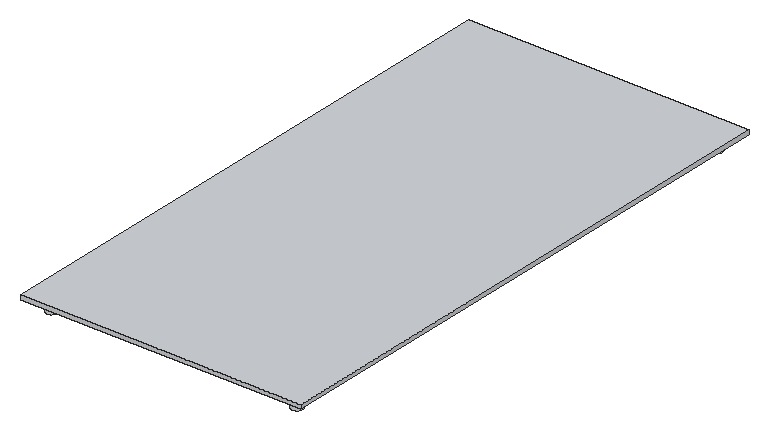
Revit family "e262aae62fc2403b8d8778fc82429d69", category Electrical Equipment, host Face, Revit 2021
Family settings
  Host = Face
  Round Connector Dimension = Use Diameter
  Part Type = Other Panel
  OmniClass Number = 23.85.50.14.21
  OmniClass Title = Intercommunication Equipment
  Seek Item ID = Telephone Terminal Board-0000-USA-ENU
  Cut with Voids When Loaded = No
  Shared = No
  Room Calculation Point = No
Parameters (values of type "4'x8'")
  Width = 4' - 0"
  Standoff = 0' - 2"
  Height = 8' - 0"
  HalfWidth = Width / 2  # 2' - 0"
  HalfHeight = Height / 2  # 4' - 0"
  Depth = 0' - 0 3/4"
  Default Elevation = 4' - 0"
Types (5): name | Width | Height | HalfWidth | HalfHeight
  (no name) | 4' - 0" | 8' - 0" | 2' - 0" | 4' - 0"
  2'x2' | 2' - 0" | 2' - 0" | 1' - 0" | 1' - 0"
  2'x4' | 2' - 0" | 4' - 0" | 1' - 0" | 2' - 0"
  4'x4' | 4' - 0" | 4' - 0" | 2' - 0" | 2' - 0"
  4'x8' | 4' - 0" | 8' - 0" | 2' - 0" | 4' - 0"
Reference planes (in)
  plane 1 "Center (Front/Back)": y = 0
  plane 2: z = 0
  plane 3 "Center (Left/Right)": x = 0
  plane 4: y = 48
  plane 5: y = -48
  plane 6: x = -24
  plane 7: x = 24
  plane 8: z = 2
  plane 9: z = 2.75
Forms (in)
  Extrusion 1, solid
    sketch origin (0, 0, 0) x (1, 0, 0) y (0, 1, 0)
      loop
        line (-24, 48) -> (-24, -48) -> (24, -48) -> (24, 48) -> (-24, 48)
    from 2 to 2.75
  Extrusion 2, solid
    sketch origin (23.85473, -7.39158, 0) x (1, 0, 0) y (0, 1, 0)
      loop
        circle (-44.85473, 52.39158) r 1
    from 0 to 2
  Extrusion 3, solid
    sketch origin (18.43646, -42.37245, 0) x (1, 0, 0) y (0, 1, 0)
      loop
        circle (-39.43646, -2.62755) r 1
    from 0 to 2
  Extrusion 4, solid
    sketch origin (-23.85473, -7.39158, 0) x (-1, 0, 0) y (0, -1, 0)
      loop
        circle (-44.85473, -52.39158) r 1
    from 0 to 2
  Extrusion 5, solid
    sketch origin (-18.43646, -42.37245, 0) x (-1, 0, 0) y (0, -1, 0)
      loop
        circle (-39.43646, 2.62755) r 1
    from 0 to 2
Dimensions and locks (in)
  "Width": plane 6 to plane 7
  "Height": plane 4 to plane 5
  "HalfHeight": plane 1 "Center (Front/Back)" to plane 4
  "HalfWidth": plane 6 to plane 3 "Center (Left/Right)"
  "HalfWidth": plane 3 "Center (Left/Right)" to plane 7
  "HalfHeight": plane 5 to plane 1 "Center (Front/Back)"
  "Standoff": plane 8 to level
  "Depth": plane 9 to plane 8
  plane 4 to Extrusion 2 sketch curve = 0' - 3"
  plane 6 to Extrusion 2 sketch curve = 0' - 3"
  Extrusion 1 to Extrusion 3 sketch curve = 0' - 3"  (x2)
  Extrusion 1 to Extrusion 4 sketch curve = 0' - 3"
  Extrusion 4 sketch curve to Extrusion 1 = 0' - 3"
  Extrusion 5 sketch curve to Extrusion 1 = 0' - 3"
  Extrusion 1 to Extrusion 5 sketch curve = 0' - 3"
  aligned and locked: plane 2 to host face
  aligned and locked: level to host face
  aligned and locked: Extrusion 1 sketch curve to plane 6
  aligned and locked: Extrusion 1 sketch curve to plane 4
  aligned and locked: Extrusion 1 sketch curve to plane 7
  aligned and locked: Extrusion 1 sketch curve to plane 5
  aligned and locked: plane 9 to Extrusion 1
  aligned and locked: Extrusion 1 to plane 8
  aligned and locked: Extrusion 3 to level
  aligned and locked: plane 8 to Extrusion 3
  aligned and locked: plane 8 to Extrusion 2
  aligned and locked: Extrusion 2 to level
  aligned and locked: Extrusion 4 to level
  aligned and locked: Extrusion 5 to level
  aligned and locked: plane 8 to Extrusion 5
  aligned and locked: plane 8 to Extrusion 4
Automatic sketch dimensions
  host sketch curve to host sketch curve = 7' - 7"
  host sketch curve to host sketch curve = 8' - 5.29907"
  radius of Extrusion 2 sketch curve = 0' - 1"
  radius of Extrusion 3 sketch curve = 0' - 1"
  radius of Extrusion 4 sketch curve = 0' - 1"
  radius of Extrusion 5 sketch curve = 0' - 1"
Connectors (in)
  electrical at (0, 48, 2.375)
    settings: on Extrusion 1, index 1, voltage 0 V, apparent load 0 VA, apparent load phase1 0 VA, apparent load phase2 0 VA, apparent load phase3 0 VA, power factor 1, load classification "Other", number of poles 1, system type 9, power factor state 1, is connector primary yes, connector utility no, sub classification motor no, connector description ""
